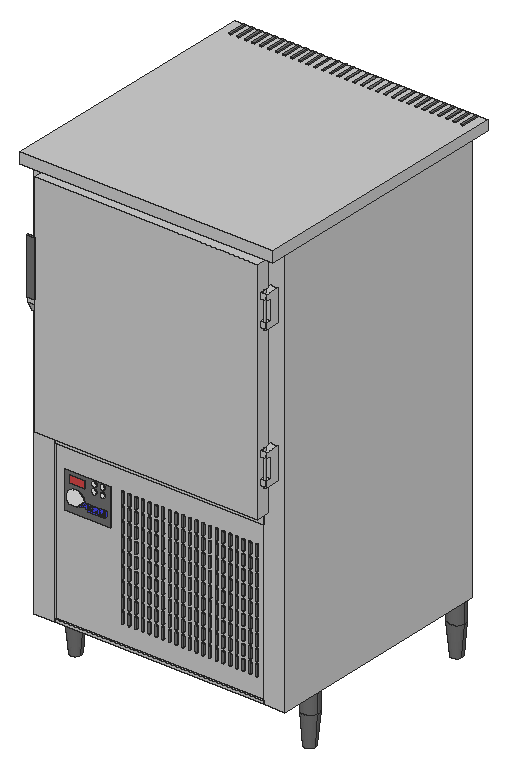
Revit family "QF_ACFRI_RS40-RL.190709092932", category Specialty Equipment, Revit 2016
Family settings
  Part Type = Normal
  Round Connector Dimension = Use Diameter
  OmniClass Number = 23.40.40.14
  OmniClass Title = Food Service Equipment
  Work Plane-Based = No
  Always vertical = Yes
  Cut with Voids When Loaded = No
  Shared = No
  Room Calculation Point = No
Parameters (values of type "RS40-RL_230V/1Ph/50Hz")
  URL catalogue = ""
  URL = "www.acfri.com"
  Type de Raccord Electrique [instance] = ""
  Type article [instance] = ""
  Tension = 230 V
  Status [instance] = ""
  Spécification technique = ""
  Spécification du Fabricant [instance] = ""
  Spécification de l'Utilisateur [instance] = ""
  SMACNA No spécifique pour les matériaux  Etats Unis = ""
  Quantité par lot [instance] = no
  Puissance électrique  = 1767 W
  Puissance en CV = ""
  Puissance Apparente = 1767 VA
  Protection de l'Appareil = 0 A
  Profondeur hors tout = 800 mm
  Poids net à vide = 140.00 kg
  Phase = 1
  Numéro de Série = ""
  Nombres de Pôles = 2
  Nombre d'identification NAFEM = ""
  Model = "RS40-RL"
  Manufacturer = "ACFRI"
  Longueur hors tout = 755 mm
  Intensité nominale courant electrique = 10 A
  Installé Par [instance] = ""
  Identifiant Equipement [instance] = no
  Hauteur hors tout = 1405 mm
  Hauteur de Raccordement du Sol Finis [instance] = 50 mm
  Hauteur de Raccordement du Sol Brut [instance] = 0 mm
  Fréquence = 50 Hz
  Fournis Par [instance] = ""
  Description = "CELLULE SÉRIE SMALL À GRILLE REFROIDISSEMENT/ SURGÉLATION RAPIDE"
  Câble de connexion à l'appareil inclus = no
  Cost = 0
  Consommation d'énergie minimale = 0 A
  Connexion prise électrique  = ""
  Code de Révision [instance] = ""
  Classification dans le projet = ""
  Classement sismique = ""
  Accessoires = no
Reference planes
  plane 1 "Centre (avant/arrière)": y = 0
  plane 2: z = 0
  plane 3 "Centre (gauche/droite)": x = 0
Forms (mm)
  Extrusion 1, solid, not visible
    sketch origin (49, -2, 199) x (1, 0, 0) y (0, 1, 0)
      loop
        line (0, 0) -> (2, 0) -> (2, 2) -> (0, 2) -> (0, 0)
    from 0 to 2
Dimensions and locks
  aligned and locked: level to plane 2
Nested families
  nested 1: "QF_ACFRI_RS40-RL_230V_1Ph_50Hz" at (0, 0, 150), type "RS40-RL_230V/1Ph/50Hz"
    with Show Logo yes, Show Clearance yes
  nested 2: "QF_ACFRI_RS25_30_40_DOOR_RX" at (0, 0, 150), type "RS25_30_40_DOOR_RX"
    with Show Logo yes, Show Clearance yes
  nested 3: "QF_ACFRI_RS12_15_20_LEGS" at (0, 0, 0), type "RS12_15_20_LEGS"
    with Show Logo yes, Show Clearance yes
  nested 4: "QF_ACFRI_RS25_30_40-CP" at (0, 0, 150), type "RS25_30_40-CP"
    with Show Logo yes, Show Clearance yes
Connectors
  electrical at (50, 0, 200), driven by "Puissance Apparente", driven by "Nombres de Pôles", driven by "Tension"
    settings: on Extrusion 1, index 1, voltage 230 V, apparent load 0 VA, apparent load phase1 1767 VA, apparent load phase2 0 VA, apparent load phase3 0 VA, power factor 1, load classification "Other", number of poles 2, system type 31, power factor state 1, is connector primary yes, connector utility no, sub classification motor no, connector description "Electric connection for 'RS40-RL'"
Definition of nested family "QF_ACFRI_RS40-RL_230V_1Ph_50Hz"
  Parameters (values of type "RS40-RL_230V/1Ph/50Hz")
    URL = "www.acfri.com"
    Show Logo [instance] = yes
    Show Clearance [instance] = yes
    Model = "RS40-RL"
    Manufacturer = "ACFRI"
    Description = "8 TO 15 LEVELS - REACH SPECIFICATION BLAST CHILLING, DEEP FREEZING CELLS"
    Assembly Code = "E1090320"
  Types (3, lengths in mm): name | Model | Description
    RS25-RL | "RS25-RL" | "6 TO 11 LEVELS - REACH SPECIFICATION BLAST CHILLING, DEEP FREEZING CELLS"
    RS30-RL | "RS30-RL" | "6 TO 11 LEVELS - REACH SPECIFICATION BLAST CHILLING, DEEP FREEZING CELLS"
    RS40-RL_230V/1Ph/50Hz | "RS40-RL" | "8 TO 15 LEVELS - REACH SPECIFICATION BLAST CHILLING, DEEP FREEZING CELLS"
  Reference planes
    plane 1 "Back": y = 0
    plane 2: z = 0
    plane 3 "Left": x = 0
    plane 4 "Right": x = 755
    plane 5 "Front": y = -800
    plane 6 "Top": z = 1254.917
  Forms (mm)
    Extrusion 1, solid
      sketch origin (0, 0, -150) x (0, 1, 0) y (0, 0, 1)
        loop
          line (-56.57, 1373.957) -> (-752.05, 1373.957) -> (-752.05, 150) -> (-56.57, 150) -> (-56.57, 1373.957)
      from 3.267 to 65.187
    Extrusion 2, solid
      sketch origin (0, 0, 289.917) x (0, 1, 0) y (0, 0, 1)
        loop
          line (0, 965) -> (-800, 965) -> (-800, 934.04) -> (0, 934.04) -> (0, 965)
      from 0 to 755
    Extrusion 3, solid
      sketch origin (0, 0, 1253.917) x (1, 0, 0) y (0, 1, 0)
        loop
          line (28.646, -1.681) -> (28.646, -56.57) -> (35.372, -56.57) -> (35.372, -1.681) -> (28.646, -1.681)
        loop
          line (51.706, -1.681) -> (51.706, -56.57) -> (58.431, -56.57) -> (58.431, -1.681) -> (51.706, -1.681)
        loop
          line (74.765, -1.681) -> (74.765, -56.57) -> (81.491, -56.57) -> (81.491, -1.681) -> (74.765, -1.681)
        loop
          line (97.825, -1.681) -> (97.825, -56.57) -> (104.551, -56.57) -> (104.551, -1.681) -> (97.825, -1.681)
        loop
          line (120.885, -1.681) -> (120.885, -56.57) -> (127.611, -56.57) -> (127.611, -1.681) -> (120.885, -1.681)
        loop
          line (143.945, -1.681) -> (143.945, -56.57) -> (150.671, -56.57) -> (150.671, -1.681) -> (143.945, -1.681)
        loop
          line (167.005, -1.681) -> (167.005, -56.57) -> (173.731, -56.57) -> (173.731, -1.681) -> (167.005, -1.681)
        loop
          line (190.065, -1.681) -> (190.065, -56.57) -> (196.79, -56.57) -> (196.79, -1.681) -> (190.065, -1.681)
        loop
          line (213.124, -1.681) -> (213.124, -56.57) -> (219.85, -56.57) -> (219.85, -1.681) -> (213.124, -1.681)
        loop
          line (236.184, -1.681) -> (236.184, -56.57) -> (242.91, -56.57) -> (242.91, -1.681) -> (236.184, -1.681)
        loop
          line (259.244, -1.681) -> (259.244, -56.57) -> (265.97, -56.57) -> (265.97, -1.681) -> (259.244, -1.681)
        loop
          line (282.304, -1.681) -> (282.304, -56.57) -> (289.03, -56.57) -> (289.03, -1.681) -> (282.304, -1.681)
        loop
          line (305.364, -1.681) -> (305.364, -56.57) -> (312.09, -56.57) -> (312.09, -1.681) -> (305.364, -1.681)
        loop
          line (328.424, -1.681) -> (328.424, -56.57) -> (335.149, -56.57) -> (335.149, -1.681) -> (328.424, -1.681)
        loop
          line (351.483, -1.681) -> (351.483, -56.57) -> (358.209, -56.57) -> (358.209, -1.681) -> (351.483, -1.681)
        loop
          line (374.543, -1.681) -> (374.543, -56.57) -> (381.269, -56.57) -> (381.269, -1.681) -> (374.543, -1.681)
        loop
          line (397.603, -1.681) -> (397.603, -56.57) -> (404.329, -56.57) -> (404.329, -1.681) -> (397.603, -1.681)
        loop
          line (420.663, -1.681) -> (420.663, -56.57) -> (427.389, -56.57) -> (427.389, -1.681) -> (420.663, -1.681)
        loop
          line (443.723, -1.681) -> (443.723, -56.57) -> (450.448, -56.57) -> (450.448, -1.681) -> (443.723, -1.681)
        loop
          line (466.783, -1.681) -> (466.783, -56.57) -> (473.508, -56.57) -> (473.508, -1.681) -> (466.783, -1.681)
        loop
          line (489.842, -1.681) -> (489.842, -56.57) -> (496.568, -56.57) -> (496.568, -1.681) -> (489.842, -1.681)
        loop
          line (512.902, -1.681) -> (512.902, -56.57) -> (519.628, -56.57) -> (519.628, -1.681) -> (512.902, -1.681)
        loop
          line (535.962, -1.681) -> (535.962, -56.57) -> (542.688, -56.57) -> (542.688, -1.681) -> (535.962, -1.681)
        loop
          line (559.022, -1.681) -> (559.022, -56.57) -> (565.748, -56.57) -> (565.748, -1.681) -> (559.022, -1.681)
        loop
          line (582.082, -1.681) -> (582.082, -56.57) -> (588.807, -56.57) -> (588.807, -1.681) -> (582.082, -1.681)
        loop
          line (605.141, -1.681) -> (605.141, -56.57) -> (611.867, -56.57) -> (611.867, -1.681) -> (605.141, -1.681)
        loop
          line (628.201, -1.681) -> (628.201, -56.57) -> (634.927, -56.57) -> (634.927, -1.681) -> (628.201, -1.681)
        loop
          line (651.261, -1.681) -> (651.261, -56.57) -> (657.987, -56.57) -> (657.987, -1.681) -> (651.261, -1.681)
        loop
          line (674.321, -1.681) -> (674.321, -56.57) -> (681.047, -56.57) -> (681.047, -1.681) -> (674.321, -1.681)
        loop
          line (697.381, -1.681) -> (697.381, -56.57) -> (704.107, -56.57) -> (704.107, -1.681) -> (697.381, -1.681)
        loop
          line (720.441, -1.681) -> (720.441, -56.57) -> (727.166, -56.57) -> (727.166, -1.681) -> (720.441, -1.681)
      from 0 to 2
    Extrusion 4, solid
      sketch origin (0, -100.05, -150) x (1, 0, 0) y (0, 0, 1)
        loop
          line (44.706, 1347.823) -> (44.706, 672.113) -> (701.163, 672.113) -> (701.163, 1347.823) -> (44.706, 1347.823)
        loop
          line (65.187, 1327.517) -> (65.187, 692.419) -> (680.711, 692.419) -> (680.711, 1327.517) -> (65.187, 1327.517)
      from 652 to 662.15
    Extrusion 5, solid
      sketch origin (0, -746.05, -119.991) x (1, 0, 0) y (0, 0, 1)
        loop
          line (261.229, 454.546) -> (261.229, 427.546)
          arc (261.229, 427.546) -> (264.729, 424.046) -> (268.229, 427.546) r 3.5
          line (268.229, 427.546) -> (268.229, 454.546)
          arc (268.229, 454.546) -> (264.729, 458.046) -> (261.229, 454.546) r 3.5
        loop
          line (281.229, 454.546) -> (281.229, 427.546)
          arc (281.229, 427.546) -> (284.729, 424.046) -> (288.229, 427.546) r 3.5
          line (288.229, 427.546) -> (288.229, 454.546)
          arc (288.229, 454.546) -> (284.729, 458.046) -> (281.229, 454.546) r 3.5
        loop
          line (301.229, 454.546) -> (301.229, 427.546)
          arc (301.229, 427.546) -> (304.729, 424.046) -> (308.229, 427.546) r 3.5
          line (308.229, 427.546) -> (308.229, 454.546)
          arc (308.229, 454.546) -> (304.729, 458.046) -> (301.229, 454.546) r 3.5
        loop
          line (321.229, 454.546) -> (321.229, 427.546)
          arc (321.229, 427.546) -> (324.729, 424.046) -> (328.229, 427.546) r 3.5
          line (328.229, 427.546) -> (328.229, 454.546)
          arc (328.229, 454.546) -> (324.729, 458.046) -> (321.229, 454.546) r 3.5
        loop
          line (341.229, 454.546) -> (341.229, 427.546)
          arc (341.229, 427.546) -> (344.729, 424.046) -> (348.229, 427.546) r 3.5
          line (348.229, 427.546) -> (348.229, 454.546)
          arc (348.229, 454.546) -> (344.729, 458.046) -> (341.229, 454.546) r 3.5
        loop
          line (361.229, 454.546) -> (361.229, 427.546)
          arc (361.229, 427.546) -> (364.729, 424.046) -> (368.229, 427.546) r 3.5
          line (368.229, 427.546) -> (368.229, 454.546)
          arc (368.229, 454.546) -> (364.729, 458.046) -> (361.229, 454.546) r 3.5
        loop
          line (381.229, 454.546) -> (381.229, 427.546)
          arc (381.229, 427.546) -> (384.729, 424.046) -> (388.229, 427.546) r 3.5
          line (388.229, 427.546) -> (388.229, 454.546)
          arc (388.229, 454.546) -> (384.729, 458.046) -> (381.229, 454.546) r 3.5
        loop
          line (401.229, 454.546) -> (401.229, 427.546)
          arc (401.229, 427.546) -> (404.729, 424.046) -> (408.229, 427.546) r 3.5
          line (408.229, 427.546) -> (408.229, 454.546)
          arc (408.229, 454.546) -> (404.729, 458.046) -> (401.229, 454.546) r 3.5
        loop
          line (421.229, 454.546) -> (421.229, 427.546)
          arc (421.229, 427.546) -> (424.729, 424.046) -> (428.229, 427.546) r 3.5
          line (428.229, 427.546) -> (428.229, 454.546)
          arc (428.229, 454.546) -> (424.729, 458.046) -> (421.229, 454.546) r 3.5
        loop
          line (441.229, 454.546) -> (441.229, 427.546)
          arc (441.229, 427.546) -> (444.729, 424.046) -> (448.229, 427.546) r 3.5
          line (448.229, 427.546) -> (448.229, 454.546)
          arc (448.229, 454.546) -> (444.729, 458.046) -> (441.229, 454.546) r 3.5
        loop
          line (461.229, 454.546) -> (461.229, 427.546)
          arc (461.229, 427.546) -> (464.729, 424.046) -> (468.229, 427.546) r 3.5
          line (468.229, 427.546) -> (468.229, 454.546)
          arc (468.229, 454.546) -> (464.729, 458.046) -> (461.229, 454.546) r 3.5
        loop
          line (481.229, 454.546) -> (481.229, 427.546)
          arc (481.229, 427.546) -> (484.729, 424.046) -> (488.229, 427.546) r 3.5
          line (488.229, 427.546) -> (488.229, 454.546)
          arc (488.229, 454.546) -> (484.729, 458.046) -> (481.229, 454.546) r 3.5
        loop
          line (501.229, 454.546) -> (501.229, 427.546)
          arc (501.229, 427.546) -> (504.729, 424.046) -> (508.229, 427.546) r 3.5
          line (508.229, 427.546) -> (508.229, 454.546)
          arc (508.229, 454.546) -> (504.729, 458.046) -> (501.229, 454.546) r 3.5
        loop
          line (521.229, 454.546) -> (521.229, 427.546)
          arc (521.229, 427.546) -> (524.729, 424.046) -> (528.229, 427.546) r 3.5
          line (528.229, 427.546) -> (528.229, 454.546)
          arc (528.229, 454.546) -> (524.729, 458.046) -> (521.229, 454.546) r 3.5
        loop
          line (541.229, 454.546) -> (541.229, 427.546)
          arc (541.229, 427.546) -> (544.729, 424.046) -> (548.229, 427.546) r 3.5
          line (548.229, 427.546) -> (548.229, 454.546)
          arc (548.229, 454.546) -> (544.729, 458.046) -> (541.229, 454.546) r 3.5
        loop
          line (561.229, 454.546) -> (561.229, 427.546)
          arc (561.229, 427.546) -> (564.729, 424.046) -> (568.229, 427.546) r 3.5
          line (568.229, 427.546) -> (568.229, 454.546)
          arc (568.229, 454.546) -> (564.729, 458.046) -> (561.229, 454.546) r 3.5
        loop
          line (581.229, 454.546) -> (581.229, 427.546)
          arc (581.229, 427.546) -> (584.729, 424.046) -> (588.229, 427.546) r 3.5
          line (588.229, 427.546) -> (588.229, 454.546)
          arc (588.229, 454.546) -> (584.729, 458.046) -> (581.229, 454.546) r 3.5
        loop
          line (601.229, 454.546) -> (601.229, 427.546)
          arc (601.229, 427.546) -> (604.729, 424.046) -> (608.229, 427.546) r 3.5
          line (608.229, 427.546) -> (608.229, 454.546)
          arc (608.229, 454.546) -> (604.729, 458.046) -> (601.229, 454.546) r 3.5
        loop
          line (621.229, 454.546) -> (621.229, 427.546)
          arc (621.229, 427.546) -> (624.729, 424.046) -> (628.229, 427.546) r 3.5
          line (628.229, 427.546) -> (628.229, 454.546)
          arc (628.229, 454.546) -> (624.729, 458.046) -> (621.229, 454.546) r 3.5
        loop
          line (641.229, 454.546) -> (641.229, 427.546)
          arc (641.229, 427.546) -> (644.729, 424.046) -> (648.229, 427.546) r 3.5
          line (648.229, 427.546) -> (648.229, 454.546)
          arc (648.229, 454.546) -> (644.729, 458.046) -> (641.229, 454.546) r 3.5
        loop
          line (661.229, 454.546) -> (661.229, 427.546)
          arc (661.229, 427.546) -> (664.729, 424.046) -> (668.229, 427.546) r 3.5
          line (668.229, 427.546) -> (668.229, 454.546)
          arc (668.229, 454.546) -> (664.729, 458.046) -> (661.229, 454.546) r 3.5
        loop
          line (261.229, 414.546) -> (261.229, 387.546)
          arc (261.229, 387.546) -> (264.729, 384.046) -> (268.229, 387.546) r 3.5
          line (268.229, 387.546) -> (268.229, 414.546)
          arc (268.229, 414.546) -> (264.729, 418.046) -> (261.229, 414.546) r 3.5
        loop
          line (281.229, 414.546) -> (281.229, 387.546)
          arc (281.229, 387.546) -> (284.729, 384.046) -> (288.229, 387.546) r 3.5
          line (288.229, 387.546) -> (288.229, 414.546)
          arc (288.229, 414.546) -> (284.729, 418.046) -> (281.229, 414.546) r 3.5
        loop
          line (301.229, 414.546) -> (301.229, 387.546)
          arc (301.229, 387.546) -> (304.729, 384.046) -> (308.229, 387.546) r 3.5
          line (308.229, 387.546) -> (308.229, 414.546)
          arc (308.229, 414.546) -> (304.729, 418.046) -> (301.229, 414.546) r 3.5
        loop
          line (321.229, 414.546) -> (321.229, 387.546)
          arc (321.229, 387.546) -> (324.729, 384.046) -> (328.229, 387.546) r 3.5
          line (328.229, 387.546) -> (328.229, 414.546)
          arc (328.229, 414.546) -> (324.729, 418.046) -> (321.229, 414.546) r 3.5
        loop
          line (341.229, 414.546) -> (341.229, 387.546)
          arc (341.229, 387.546) -> (344.729, 384.046) -> (348.229, 387.546) r 3.5
          line (348.229, 387.546) -> (348.229, 414.546)
          arc (348.229, 414.546) -> (344.729, 418.046) -> (341.229, 414.546) r 3.5
        loop
          line (361.229, 414.546) -> (361.229, 387.546)
          arc (361.229, 387.546) -> (364.729, 384.046) -> (368.229, 387.546) r 3.5
          line (368.229, 387.546) -> (368.229, 414.546)
          arc (368.229, 414.546) -> (364.729, 418.046) -> (361.229, 414.546) r 3.5
        loop
          line (381.229, 414.546) -> (381.229, 387.546)
          arc (381.229, 387.546) -> (384.729, 384.046) -> (388.229, 387.546) r 3.5
          line (388.229, 387.546) -> (388.229, 414.546)
          arc (388.229, 414.546) -> (384.729, 418.046) -> (381.229, 414.546) r 3.5
        loop
          line (401.229, 414.546) -> (401.229, 387.546)
          arc (401.229, 387.546) -> (404.729, 384.046) -> (408.229, 387.546) r 3.5
          line (408.229, 387.546) -> (408.229, 414.546)
          arc (408.229, 414.546) -> (404.729, 418.046) -> (401.229, 414.546) r 3.5
        loop
          line (421.229, 414.546) -> (421.229, 387.546)
          arc (421.229, 387.546) -> (424.729, 384.046) -> (428.229, 387.546) r 3.5
          line (428.229, 387.546) -> (428.229, 414.546)
          arc (428.229, 414.546) -> (424.729, 418.046) -> (421.229, 414.546) r 3.5
        loop
          line (441.229, 414.546) -> (441.229, 387.546)
          arc (441.229, 387.546) -> (444.729, 384.046) -> (448.229, 387.546) r 3.5
          line (448.229, 387.546) -> (448.229, 414.546)
          arc (448.229, 414.546) -> (444.729, 418.046) -> (441.229, 414.546) r 3.5
        loop
          line (461.229, 414.546) -> (461.229, 387.546)
          arc (461.229, 387.546) -> (464.729, 384.046) -> (468.229, 387.546) r 3.5
          line (468.229, 387.546) -> (468.229, 414.546)
          arc (468.229, 414.546) -> (464.729, 418.046) -> (461.229, 414.546) r 3.5
        loop
          line (481.229, 414.546) -> (481.229, 387.546)
          arc (481.229, 387.546) -> (484.729, 384.046) -> (488.229, 387.546) r 3.5
          line (488.229, 387.546) -> (488.229, 414.546)
          arc (488.229, 414.546) -> (484.729, 418.046) -> (481.229, 414.546) r 3.5
        loop
          line (501.229, 414.546) -> (501.229, 387.546)
          arc (501.229, 387.546) -> (504.729, 384.046) -> (508.229, 387.546) r 3.5
          line (508.229, 387.546) -> (508.229, 414.546)
          arc (508.229, 414.546) -> (504.729, 418.046) -> (501.229, 414.546) r 3.5
        loop
          line (521.229, 414.546) -> (521.229, 387.546)
          arc (521.229, 387.546) -> (524.729, 384.046) -> (528.229, 387.546) r 3.5
          line (528.229, 387.546) -> (528.229, 414.546)
          arc (528.229, 414.546) -> (524.729, 418.046) -> (521.229, 414.546) r 3.5
        loop
          line (541.229, 414.546) -> (541.229, 387.546)
          arc (541.229, 387.546) -> (544.729, 384.046) -> (548.229, 387.546) r 3.5
          line (548.229, 387.546) -> (548.229, 414.546)
          arc (548.229, 414.546) -> (544.729, 418.046) -> (541.229, 414.546) r 3.5
        loop
          line (561.229, 414.546) -> (561.229, 387.546)
          arc (561.229, 387.546) -> (564.729, 384.046) -> (568.229, 387.546) r 3.5
          line (568.229, 387.546) -> (568.229, 414.546)
          arc (568.229, 414.546) -> (564.729, 418.046) -> (561.229, 414.546) r 3.5
        loop
          line (581.229, 414.546) -> (581.229, 387.546)
          arc (581.229, 387.546) -> (584.729, 384.046) -> (588.229, 387.546) r 3.5
          line (588.229, 387.546) -> (588.229, 414.546)
          arc (588.229, 414.546) -> (584.729, 418.046) -> (581.229, 414.546) r 3.5
        loop
          line (601.229, 414.546) -> (601.229, 387.546)
          arc (601.229, 387.546) -> (604.729, 384.046) -> (608.229, 387.546) r 3.5
          line (608.229, 387.546) -> (608.229, 414.546)
          arc (608.229, 414.546) -> (604.729, 418.046) -> (601.229, 414.546) r 3.5
        loop
          line (621.229, 414.546) -> (621.229, 387.546)
          arc (621.229, 387.546) -> (624.729, 384.046) -> (628.229, 387.546) r 3.5
          line (628.229, 387.546) -> (628.229, 414.546)
          arc (628.229, 414.546) -> (624.729, 418.046) -> (621.229, 414.546) r 3.5
        loop
          line (641.229, 414.546) -> (641.229, 387.546)
          arc (641.229, 387.546) -> (644.729, 384.046) -> (648.229, 387.546) r 3.5
          line (648.229, 387.546) -> (648.229, 414.546)
          arc (648.229, 414.546) -> (644.729, 418.046) -> (641.229, 414.546) r 3.5
        loop
          line (661.229, 414.546) -> (661.229, 387.546)
          arc (661.229, 387.546) -> (664.729, 384.046) -> (668.229, 387.546) r 3.5
          line (668.229, 387.546) -> (668.229, 414.546)
          arc (668.229, 414.546) -> (664.729, 418.046) -> (661.229, 414.546) r 3.5
        loop
          line (261.229, 374.546) -> (261.229, 347.546)
          arc (261.229, 347.546) -> (264.729, 344.046) -> (268.229, 347.546) r 3.5
          line (268.229, 347.546) -> (268.229, 374.546)
          arc (268.229, 374.546) -> (264.729, 378.046) -> (261.229, 374.546) r 3.5
        loop
          line (281.229, 374.546) -> (281.229, 347.546)
          arc (281.229, 347.546) -> (284.729, 344.046) -> (288.229, 347.546) r 3.5
          line (288.229, 347.546) -> (288.229, 374.546)
          arc (288.229, 374.546) -> (284.729, 378.046) -> (281.229, 374.546) r 3.5
        loop
          line (301.229, 374.546) -> (301.229, 347.546)
          arc (301.229, 347.546) -> (304.729, 344.046) -> (308.229, 347.546) r 3.5
          line (308.229, 347.546) -> (308.229, 374.546)
          arc (308.229, 374.546) -> (304.729, 378.046) -> (301.229, 374.546) r 3.5
        loop
          line (321.229, 374.546) -> (321.229, 347.546)
          arc (321.229, 347.546) -> (324.729, 344.046) -> (328.229, 347.546) r 3.5
          line (328.229, 347.546) -> (328.229, 374.546)
          arc (328.229, 374.546) -> (324.729, 378.046) -> (321.229, 374.546) r 3.5
        loop
          line (341.229, 374.546) -> (341.229, 347.546)
          arc (341.229, 347.546) -> (344.729, 344.046) -> (348.229, 347.546) r 3.5
          line (348.229, 347.546) -> (348.229, 374.546)
          arc (348.229, 374.546) -> (344.729, 378.046) -> (341.229, 374.546) r 3.5
        loop
          line (361.229, 374.546) -> (361.229, 347.546)
          arc (361.229, 347.546) -> (364.729, 344.046) -> (368.229, 347.546) r 3.5
          line (368.229, 347.546) -> (368.229, 374.546)
          arc (368.229, 374.546) -> (364.729, 378.046) -> (361.229, 374.546) r 3.5
        loop
          line (381.229, 374.546) -> (381.229, 347.546)
          arc (381.229, 347.546) -> (384.729, 344.046) -> (388.229, 347.546) r 3.5
          line (388.229, 347.546) -> (388.229, 374.546)
          arc (388.229, 374.546) -> (384.729, 378.046) -> (381.229, 374.546) r 3.5
        loop
          line (401.229, 374.546) -> (401.229, 347.546)
          arc (401.229, 347.546) -> (404.729, 344.046) -> (408.229, 347.546) r 3.5
          line (408.229, 347.546) -> (408.229, 374.546)
          arc (408.229, 374.546) -> (404.729, 378.046) -> (401.229, 374.546) r 3.5
        loop
          line (421.229, 374.546) -> (421.229, 347.546)
          arc (421.229, 347.546) -> (424.729, 344.046) -> (428.229, 347.546) r 3.5
          line (428.229, 347.546) -> (428.229, 374.546)
          arc (428.229, 374.546) -> (424.729, 378.046) -> (421.229, 374.546) r 3.5
        loop
          line (441.229, 374.546) -> (441.229, 347.546)
          arc (441.229, 347.546) -> (444.729, 344.046) -> (448.229, 347.546) r 3.5
          line (448.229, 347.546) -> (448.229, 374.546)
          arc (448.229, 374.546) -> (444.729, 378.046) -> (441.229, 374.546) r 3.5
        loop
          line (461.229, 374.546) -> (461.229, 347.546)
          arc (461.229, 347.546) -> (464.729, 344.046) -> (468.229, 347.546) r 3.5
          line (468.229, 347.546) -> (468.229, 374.546)
          arc (468.229, 374.546) -> (464.729, 378.046) -> (461.229, 374.546) r 3.5
        loop
          line (481.229, 374.546) -> (481.229, 347.546)
          arc (481.229, 347.546) -> (484.729, 344.046) -> (488.229, 347.546) r 3.5
          line (488.229, 347.546) -> (488.229, 374.546)
          arc (488.229, 374.546) -> (484.729, 378.046) -> (481.229, 374.546) r 3.5
        loop
          line (501.229, 374.546) -> (501.229, 347.546)
          arc (501.229, 347.546) -> (504.729, 344.046) -> (508.229, 347.546) r 3.5
          line (508.229, 347.546) -> (508.229, 374.546)
          arc (508.229, 374.546) -> (504.729, 378.046) -> (501.229, 374.546) r 3.5
        loop
          line (521.229, 374.546) -> (521.229, 347.546)
          arc (521.229, 347.546) -> (524.729, 344.046) -> (528.229, 347.546) r 3.5
          line (528.229, 347.546) -> (528.229, 374.546)
          arc (528.229, 374.546) -> (524.729, 378.046) -> (521.229, 374.546) r 3.5
        loop
          line (541.229, 374.546) -> (541.229, 347.546)
          arc (541.229, 347.546) -> (544.729, 344.046) -> (548.229, 347.546) r 3.5
          line (548.229, 347.546) -> (548.229, 374.546)
          arc (548.229, 374.546) -> (544.729, 378.046) -> (541.229, 374.546) r 3.5
        loop
          line (561.229, 374.546) -> (561.229, 347.546)
          arc (561.229, 347.546) -> (564.729, 344.046) -> (568.229, 347.546) r 3.5
          line (568.229, 347.546) -> (568.229, 374.546)
          arc (568.229, 374.546) -> (564.729, 378.046) -> (561.229, 374.546) r 3.5
        loop
          line (581.229, 374.546) -> (581.229, 347.546)
          arc (581.229, 347.546) -> (584.729, 344.046) -> (588.229, 347.546) r 3.5
          line (588.229, 347.546) -> (588.229, 374.546)
          arc (588.229, 374.546) -> (584.729, 378.046) -> (581.229, 374.546) r 3.5
        loop
          line (601.229, 374.546) -> (601.229, 347.546)
          arc (601.229, 347.546) -> (604.729, 344.046) -> (608.229, 347.546) r 3.5
          line (608.229, 347.546) -> (608.229, 374.546)
          arc (608.229, 374.546) -> (604.729, 378.046) -> (601.229, 374.546) r 3.5
        loop
          line (621.229, 374.546) -> (621.229, 347.546)
          arc (621.229, 347.546) -> (624.729, 344.046) -> (628.229, 347.546) r 3.5
          line (628.229, 347.546) -> (628.229, 374.546)
          arc (628.229, 374.546) -> (624.729, 378.046) -> (621.229, 374.546) r 3.5
        loop
          line (641.229, 374.546) -> (641.229, 347.546)
          arc (641.229, 347.546) -> (644.729, 344.046) -> (648.229, 347.546) r 3.5
          line (648.229, 347.546) -> (648.229, 374.546)
          arc (648.229, 374.546) -> (644.729, 378.046) -> (641.229, 374.546) r 3.5
        loop
          line (661.229, 374.546) -> (661.229, 347.546)
          arc (661.229, 347.546) -> (664.729, 344.046) -> (668.229, 347.546) r 3.5
          line (668.229, 347.546) -> (668.229, 374.546)
          arc (668.229, 374.546) -> (664.729, 378.046) -> (661.229, 374.546) r 3.5
        loop
          line (261.229, 334.546) -> (261.229, 307.546)
          arc (261.229, 307.546) -> (264.729, 304.046) -> (268.229, 307.546) r 3.5
          line (268.229, 307.546) -> (268.229, 334.546)
          arc (268.229, 334.546) -> (264.729, 338.046) -> (261.229, 334.546) r 3.5
        loop
          line (281.229, 334.546) -> (281.229, 307.546)
          arc (281.229, 307.546) -> (284.729, 304.046) -> (288.229, 307.546) r 3.5
          line (288.229, 307.546) -> (288.229, 334.546)
          arc (288.229, 334.546) -> (284.729, 338.046) -> (281.229, 334.546) r 3.5
        loop
          line (301.229, 334.546) -> (301.229, 307.546)
          arc (301.229, 307.546) -> (304.729, 304.046) -> (308.229, 307.546) r 3.5
          line (308.229, 307.546) -> (308.229, 334.546)
          arc (308.229, 334.546) -> (304.729, 338.046) -> (301.229, 334.546) r 3.5
        loop
          line (321.229, 334.546) -> (321.229, 307.546)
          arc (321.229, 307.546) -> (324.729, 304.046) -> (328.229, 307.546) r 3.5
          line (328.229, 307.546) -> (328.229, 334.546)
          arc (328.229, 334.546) -> (324.729, 338.046) -> (321.229, 334.546) r 3.5
        loop
          line (341.229, 334.546) -> (341.229, 307.546)
          arc (341.229, 307.546) -> (344.729, 304.046) -> (348.229, 307.546) r 3.5
          line (348.229, 307.546) -> (348.229, 334.546)
          arc (348.229, 334.546) -> (344.729, 338.046) -> (341.229, 334.546) r 3.5
        loop
          line (361.229, 334.546) -> (361.229, 307.546)
          arc (361.229, 307.546) -> (364.729, 304.046) -> (368.229, 307.546) r 3.5
          line (368.229, 307.546) -> (368.229, 334.546)
          arc (368.229, 334.546) -> (364.729, 338.046) -> (361.229, 334.546) r 3.5
        loop
          line (381.229, 334.546) -> (381.229, 307.546)
          arc (381.229, 307.546) -> (384.729, 304.046) -> (388.229, 307.546) r 3.5
          line (388.229, 307.546) -> (388.229, 334.546)
          arc (388.229, 334.546) -> (384.729, 338.046) -> (381.229, 334.546) r 3.5
        loop
          line (401.229, 334.546) -> (401.229, 307.546)
          arc (401.229, 307.546) -> (404.729, 304.046) -> (408.229, 307.546) r 3.5
          line (408.229, 307.546) -> (408.229, 334.546)
          arc (408.229, 334.546) -> (404.729, 338.046) -> (401.229, 334.546) r 3.5
        loop
          line (421.229, 334.546) -> (421.229, 307.546)
          arc (421.229, 307.546) -> (424.729, 304.046) -> (428.229, 307.546) r 3.5
          line (428.229, 307.546) -> (428.229, 334.546)
          arc (428.229, 334.546) -> (424.729, 338.046) -> (421.229, 334.546) r 3.5
        loop
          line (441.229, 334.546) -> (441.229, 307.546)
          arc (441.229, 307.546) -> (444.729, 304.046) -> (448.229, 307.546) r 3.5
          line (448.229, 307.546) -> (448.229, 334.546)
          arc (448.229, 334.546) -> (444.729, 338.046) -> (441.229, 334.546) r 3.5
        loop
          line (461.229, 334.546) -> (461.229, 307.546)
          arc (461.229, 307.546) -> (464.729, 304.046) -> (468.229, 307.546) r 3.5
          line (468.229, 307.546) -> (468.229, 334.546)
          arc (468.229, 334.546) -> (464.729, 338.046) -> (461.229, 334.546) r 3.5
        loop
          line (481.229, 334.546) -> (481.229, 307.546)
          arc (481.229, 307.546) -> (484.729, 304.046) -> (488.229, 307.546) r 3.5
          line (488.229, 307.546) -> (488.229, 334.546)
          arc (488.229, 334.546) -> (484.729, 338.046) -> (481.229, 334.546) r 3.5
        loop
          line (501.229, 334.546) -> (501.229, 307.546)
          arc (501.229, 307.546) -> (504.729, 304.046) -> (508.229, 307.546) r 3.5
          line (508.229, 307.546) -> (508.229, 334.546)
          arc (508.229, 334.546) -> (504.729, 338.046) -> (501.229, 334.546) r 3.5
        loop
          line (521.229, 334.546) -> (521.229, 307.546)
          arc (521.229, 307.546) -> (524.729, 304.046) -> (528.229, 307.546) r 3.5
          line (528.229, 307.546) -> (528.229, 334.546)
          arc (528.229, 334.546) -> (524.729, 338.046) -> (521.229, 334.546) r 3.5
        loop
          line (541.229, 334.546) -> (541.229, 307.546)
          arc (541.229, 307.546) -> (544.729, 304.046) -> (548.229, 307.546) r 3.5
          line (548.229, 307.546) -> (548.229, 334.546)
          arc (548.229, 334.546) -> (544.729, 338.046) -> (541.229, 334.546) r 3.5
        loop
          line (561.229, 334.546) -> (561.229, 307.546)
          arc (561.229, 307.546) -> (564.729, 304.046) -> (568.229, 307.546) r 3.5
          line (568.229, 307.546) -> (568.229, 334.546)
          arc (568.229, 334.546) -> (564.729, 338.046) -> (561.229, 334.546) r 3.5
        loop
          line (581.229, 334.546) -> (581.229, 307.546)
          arc (581.229, 307.546) -> (584.729, 304.046) -> (588.229, 307.546) r 3.5
          line (588.229, 307.546) -> (588.229, 334.546)
          arc (588.229, 334.546) -> (584.729, 338.046) -> (581.229, 334.546) r 3.5
        loop
          line (601.229, 334.546) -> (601.229, 307.546)
          arc (601.229, 307.546) -> (604.729, 304.046) -> (608.229, 307.546) r 3.5
          line (608.229, 307.546) -> (608.229, 334.546)
          arc (608.229, 334.546) -> (604.729, 338.046) -> (601.229, 334.546) r 3.5
        loop
          line (621.229, 334.546) -> (621.229, 307.546)
          arc (621.229, 307.546) -> (624.729, 304.046) -> (628.229, 307.546) r 3.5
          line (628.229, 307.546) -> (628.229, 334.546)
          arc (628.229, 334.546) -> (624.729, 338.046) -> (621.229, 334.546) r 3.5
        loop
          line (641.229, 334.546) -> (641.229, 307.546)
          arc (641.229, 307.546) -> (644.729, 304.046) -> (648.229, 307.546) r 3.5
          line (648.229, 307.546) -> (648.229, 334.546)
          arc (648.229, 334.546) -> (644.729, 338.046) -> (641.229, 334.546) r 3.5
        loop
          line (661.229, 334.546) -> (661.229, 307.546)
          arc (661.229, 307.546) -> (664.729, 304.046) -> (668.229, 307.546) r 3.5
          line (668.229, 307.546) -> (668.229, 334.546)
          arc (668.229, 334.546) -> (664.729, 338.046) -> (661.229, 334.546) r 3.5
        loop
          line (261.229, 294.546) -> (261.229, 267.546)
          arc (261.229, 267.546) -> (264.729, 264.046) -> (268.229, 267.546) r 3.5
          line (268.229, 267.546) -> (268.229, 294.546)
          arc (268.229, 294.546) -> (264.729, 298.046) -> (261.229, 294.546) r 3.5
        loop
          line (281.229, 294.546) -> (281.229, 267.546)
          arc (281.229, 267.546) -> (284.729, 264.046) -> (288.229, 267.546) r 3.5
          line (288.229, 267.546) -> (288.229, 294.546)
          arc (288.229, 294.546) -> (284.729, 298.046) -> (281.229, 294.546) r 3.5
        loop
          line (301.229, 294.546) -> (301.229, 267.546)
          arc (301.229, 267.546) -> (304.729, 264.046) -> (308.229, 267.546) r 3.5
          line (308.229, 267.546) -> (308.229, 294.546)
          arc (308.229, 294.546) -> (304.729, 298.046) -> (301.229, 294.546) r 3.5
        loop
          line (321.229, 294.546) -> (321.229, 267.546)
          arc (321.229, 267.546) -> (324.729, 264.046) -> (328.229, 267.546) r 3.5
          line (328.229, 267.546) -> (328.229, 294.546)
          arc (328.229, 294.546) -> (324.729, 298.046) -> (321.229, 294.546) r 3.5
        loop
          line (341.229, 294.546) -> (341.229, 267.546)
          arc (341.229, 267.546) -> (344.729, 264.046) -> (348.229, 267.546) r 3.5
          line (348.229, 267.546) -> (348.229, 294.546)
          arc (348.229, 294.546) -> (344.729, 298.046) -> (341.229, 294.546) r 3.5
        loop
          line (361.229, 294.546) -> (361.229, 267.546)
          arc (361.229, 267.546) -> (364.729, 264.046) -> (368.229, 267.546) r 3.5
          line (368.229, 267.546) -> (368.229, 294.546)
          arc (368.229, 294.546) -> (364.729, 298.046) -> (361.229, 294.546) r 3.5
        loop
          line (381.229, 294.546) -> (381.229, 267.546)
          arc (381.229, 267.546) -> (384.729, 264.046) -> (388.229, 267.546) r 3.5
          line (388.229, 267.546) -> (388.229, 294.546)
          arc (388.229, 294.546) -> (384.729, 298.046) -> (381.229, 294.546) r 3.5
        loop
          line (401.229, 294.546) -> (401.229, 267.546)
          arc (401.229, 267.546) -> (404.729, 264.046) -> (408.229, 267.546) r 3.5
          line (408.229, 267.546) -> (408.229, 294.546)
          arc (408.229, 294.546) -> (404.729, 298.046) -> (401.229, 294.546) r 3.5
        loop
          line (421.229, 294.546) -> (421.229, 267.546)
          arc (421.229, 267.546) -> (424.729, 264.046) -> (428.229, 267.546) r 3.5
          line (428.229, 267.546) -> (428.229, 294.546)
          arc (428.229, 294.546) -> (424.729, 298.046) -> (421.229, 294.546) r 3.5
        loop
          line (441.229, 294.546) -> (441.229, 267.546)
          arc (441.229, 267.546) -> (444.729, 264.046) -> (448.229, 267.546) r 3.5
          line (448.229, 267.546) -> (448.229, 294.546)
          arc (448.229, 294.546) -> (444.729, 298.046) -> (441.229, 294.546) r 3.5
        loop
          line (461.229, 294.546) -> (461.229, 267.546)
          arc (461.229, 267.546) -> (464.729, 264.046) -> (468.229, 267.546) r 3.5
          line (468.229, 267.546) -> (468.229, 294.546)
          arc (468.229, 294.546) -> (464.729, 298.046) -> (461.229, 294.546) r 3.5
        loop
          line (481.229, 294.546) -> (481.229, 267.546)
          arc (481.229, 267.546) -> (484.729, 264.046) -> (488.229, 267.546) r 3.5
          line (488.229, 267.546) -> (488.229, 294.546)
          arc (488.229, 294.546) -> (484.729, 298.046) -> (481.229, 294.546) r 3.5
        loop
          line (501.229, 294.546) -> (501.229, 267.546)
          arc (501.229, 267.546) -> (504.729, 264.046) -> (508.229, 267.546) r 3.5
          line (508.229, 267.546) -> (508.229, 294.546)
          arc (508.229, 294.546) -> (504.729, 298.046) -> (501.229, 294.546) r 3.5
        loop
          line (521.229, 294.546) -> (521.229, 267.546)
          arc (521.229, 267.546) -> (524.729, 264.046) -> (528.229, 267.546) r 3.5
          line (528.229, 267.546) -> (528.229, 294.546)
          arc (528.229, 294.546) -> (524.729, 298.046) -> (521.229, 294.546) r 3.5
        loop
          line (541.229, 294.546) -> (541.229, 267.546)
          arc (541.229, 267.546) -> (544.729, 264.046) -> (548.229, 267.546) r 3.5
          line (548.229, 267.546) -> (548.229, 294.546)
          arc (548.229, 294.546) -> (544.729, 298.046) -> (541.229, 294.546) r 3.5
        loop
          line (561.229, 294.546) -> (561.229, 267.546)
          arc (561.229, 267.546) -> (564.729, 264.046) -> (568.229, 267.546) r 3.5
          line (568.229, 267.546) -> (568.229, 294.546)
          arc (568.229, 294.546) -> (564.729, 298.046) -> (561.229, 294.546) r 3.5
        loop
          line (581.229, 294.546) -> (581.229, 267.546)
          arc (581.229, 267.546) -> (584.729, 264.046) -> (588.229, 267.546) r 3.5
          line (588.229, 267.546) -> (588.229, 294.546)
          arc (588.229, 294.546) -> (584.729, 298.046) -> (581.229, 294.546) r 3.5
        loop
          line (601.229, 294.546) -> (601.229, 267.546)
          arc (601.229, 267.546) -> (604.729, 264.046) -> (608.229, 267.546) r 3.5
          line (608.229, 267.546) -> (608.229, 294.546)
          arc (608.229, 294.546) -> (604.729, 298.046) -> (601.229, 294.546) r 3.5
        loop
          line (621.229, 294.546) -> (621.229, 267.546)
          arc (621.229, 267.546) -> (624.729, 264.046) -> (628.229, 267.546) r 3.5
          line (628.229, 267.546) -> (628.229, 294.546)
          arc (628.229, 294.546) -> (624.729, 298.046) -> (621.229, 294.546) r 3.5
        loop
          line (641.229, 294.546) -> (641.229, 267.546)
          arc (641.229, 267.546) -> (644.729, 264.046) -> (648.229, 267.546) r 3.5
          line (648.229, 267.546) -> (648.229, 294.546)
          arc (648.229, 294.546) -> (644.729, 298.046) -> (641.229, 294.546) r 3.5
        loop
          line (661.229, 294.546) -> (661.229, 267.546)
          arc (661.229, 267.546) -> (664.729, 264.046) -> (668.229, 267.546) r 3.5
          line (668.229, 267.546) -> (668.229, 294.546)
          arc (668.229, 294.546) -> (664.729, 298.046) -> (661.229, 294.546) r 3.5
        loop
          line (261.229, 254.546) -> (261.229, 227.546)
          arc (261.229, 227.546) -> (264.729, 224.046) -> (268.229, 227.546) r 3.5
          line (268.229, 227.546) -> (268.229, 254.546)
          arc (268.229, 254.546) -> (264.729, 258.046) -> (261.229, 254.546) r 3.5
        loop
          line (281.229, 254.546) -> (281.229, 227.546)
          arc (281.229, 227.546) -> (284.729, 224.046) -> (288.229, 227.546) r 3.5
          line (288.229, 227.546) -> (288.229, 254.546)
          arc (288.229, 254.546) -> (284.729, 258.046) -> (281.229, 254.546) r 3.5
        loop
          line (301.229, 254.546) -> (301.229, 227.546)
          arc (301.229, 227.546) -> (304.729, 224.046) -> (308.229, 227.546) r 3.5
          line (308.229, 227.546) -> (308.229, 254.546)
          arc (308.229, 254.546) -> (304.729, 258.046) -> (301.229, 254.546) r 3.5
        loop
          line (321.229, 254.546) -> (321.229, 227.546)
          arc (321.229, 227.546) -> (324.729, 224.046) -> (328.229, 227.546) r 3.5
          line (328.229, 227.546) -> (328.229, 254.546)
          arc (328.229, 254.546) -> (324.729, 258.046) -> (321.229, 254.546) r 3.5
        loop
          line (341.229, 254.546) -> (341.229, 227.546)
          arc (341.229, 227.546) -> (344.729, 224.046) -> (348.229, 227.546) r 3.5
          line (348.229, 227.546) -> (348.229, 254.546)
          arc (348.229, 254.546) -> (344.729, 258.046) -> (341.229, 254.546) r 3.5
        loop
          line (361.229, 254.546) -> (361.229, 227.546)
          arc (361.229, 227.546) -> (364.729, 224.046) -> (368.229, 227.546) r 3.5
          line (368.229, 227.546) -> (368.229, 254.546)
          arc (368.229, 254.546) -> (364.729, 258.046) -> (361.229, 254.546) r 3.5
        loop
          line (381.229, 254.546) -> (381.229, 227.546)
          arc (381.229, 227.546) -> (384.729, 224.046) -> (388.229, 227.546) r 3.5
          line (388.229, 227.546) -> (388.229, 254.546)
          arc (388.229, 254.546) -> (384.729, 258.046) -> (381.229, 254.546) r 3.5
        loop
          line (401.229, 254.546) -> (401.229, 227.546)
          arc (401.229, 227.546) -> (404.729, 224.046) -> (408.229, 227.546) r 3.5
          line (408.229, 227.546) -> (408.229, 254.546)
          arc (408.229, 254.546) -> (404.729, 258.046) -> (401.229, 254.546) r 3.5
        loop
          line (421.229, 254.546) -> (421.229, 227.546)
          arc (421.229, 227.546) -> (424.729, 224.046) -> (428.229, 227.546) r 3.5
          line (428.229, 227.546) -> (428.229, 254.546)
          arc (428.229, 254.546) -> (424.729, 258.046) -> (421.229, 254.546) r 3.5
        loop
          line (441.229, 254.546) -> (441.229, 227.546)
          arc (441.229, 227.546) -> (444.729, 224.046) -> (448.229, 227.546) r 3.5
          line (448.229, 227.546) -> (448.229, 254.546)
          arc (448.229, 254.546) -> (444.729, 258.046) -> (441.229, 254.546) r 3.5
        loop
          line (461.229, 254.546) -> (461.229, 227.546)
          arc (461.229, 227.546) -> (464.729, 224.046) -> (468.229, 227.546) r 3.5
          line (468.229, 227.546) -> (468.229, 254.546)
          arc (468.229, 254.546) -> (464.729, 258.046) -> (461.229, 254.546) r 3.5
        loop
          line (481.229, 254.546) -> (481.229, 227.546)
          arc (481.229, 227.546) -> (484.729, 224.046) -> (488.229, 227.546) r 3.5
          line (488.229, 227.546) -> (488.229, 254.546)
          arc (488.229, 254.546) -> (484.729, 258.046) -> (481.229, 254.546) r 3.5
        loop
          line (501.229, 254.546) -> (501.229, 227.546)
          arc (501.229, 227.546) -> (504.729, 224.046) -> (508.229, 227.546) r 3.5
          line (508.229, 227.546) -> (508.229, 254.546)
          arc (508.229, 254.546) -> (504.729, 258.046) -> (501.229, 254.546) r 3.5
        loop
          line (521.229, 254.546) -> (521.229, 227.546)
          arc (521.229, 227.546) -> (524.729, 224.046) -> (528.229, 227.546) r 3.5
          line (528.229, 227.546) -> (528.229, 254.546)
          arc (528.229, 254.546) -> (524.729, 258.046) -> (521.229, 254.546) r 3.5
        loop
          line (541.229, 254.546) -> (541.229, 227.546)
          arc (541.229, 227.546) -> (544.729, 224.046) -> (548.229, 227.546) r 3.5
          line (548.229, 227.546) -> (548.229, 254.546)
          arc (548.229, 254.546) -> (544.729, 258.046) -> (541.229, 254.546) r 3.5
        loop
          line (561.229, 254.546) -> (561.229, 227.546)
          arc (561.229, 227.546) -> (564.729, 224.046) -> (568.229, 227.546) r 3.5
          line (568.229, 227.546) -> (568.229, 254.546)
          arc (568.229, 254.546) -> (564.729, 258.046) -> (561.229, 254.546) r 3.5
        loop
          line (581.229, 254.546) -> (581.229, 227.546)
          arc (581.229, 227.546) -> (584.729, 224.046) -> (588.229, 227.546) r 3.5
          line (588.229, 227.546) -> (588.229, 254.546)
          arc (588.229, 254.546) -> (584.729, 258.046) -> (581.229, 254.546) r 3.5
        loop
          line (601.229, 254.546) -> (601.229, 227.546)
          arc (601.229, 227.546) -> (604.729, 224.046) -> (608.229, 227.546) r 3.5
          line (608.229, 227.546) -> (608.229, 254.546)
          arc (608.229, 254.546) -> (604.729, 258.046) -> (601.229, 254.546) r 3.5
        loop
          line (621.229, 254.546) -> (621.229, 227.546)
          arc (621.229, 227.546) -> (624.729, 224.046) -> (628.229, 227.546) r 3.5
          line (628.229, 227.546) -> (628.229, 254.546)
          arc (628.229, 254.546) -> (624.729, 258.046) -> (621.229, 254.546) r 3.5
        loop
          line (641.229, 254.546) -> (641.229, 227.546)
          arc (641.229, 227.546) -> (644.729, 224.046) -> (648.229, 227.546) r 3.5
          line (648.229, 227.546) -> (648.229, 254.546)
          arc (648.229, 254.546) -> (644.729, 258.046) -> (641.229, 254.546) r 3.5
        loop
          line (661.229, 254.546) -> (661.229, 227.546)
          arc (661.229, 227.546) -> (664.729, 224.046) -> (668.229, 227.546) r 3.5
          line (668.229, 227.546) -> (668.229, 254.546)
          arc (668.229, 254.546) -> (664.729, 258.046) -> (661.229, 254.546) r 3.5
        loop
          line (261.229, 214.546) -> (261.229, 187.546)
          arc (261.229, 187.546) -> (264.729, 184.046) -> (268.229, 187.546) r 3.5
          line (268.229, 187.546) -> (268.229, 214.546)
          arc (268.229, 214.546) -> (264.729, 218.046) -> (261.229, 214.546) r 3.5
        loop
          line (281.229, 214.546) -> (281.229, 187.546)
          arc (281.229, 187.546) -> (284.729, 184.046) -> (288.229, 187.546) r 3.5
          line (288.229, 187.546) -> (288.229, 214.546)
          arc (288.229, 214.546) -> (284.729, 218.046) -> (281.229, 214.546) r 3.5
        loop
          line (301.229, 214.546) -> (301.229, 187.546)
          arc (301.229, 187.546) -> (304.729, 184.046) -> (308.229, 187.546) r 3.5
          line (308.229, 187.546) -> (308.229, 214.546)
          arc (308.229, 214.546) -> (304.729, 218.046) -> (301.229, 214.546) r 3.5
        loop
          line (321.229, 214.546) -> (321.229, 187.546)
          arc (321.229, 187.546) -> (324.729, 184.046) -> (328.229, 187.546) r 3.5
          line (328.229, 187.546) -> (328.229, 214.546)
          arc (328.229, 214.546) -> (324.729, 218.046) -> (321.229, 214.546) r 3.5
        loop
          line (341.229, 214.546) -> (341.229, 187.546)
          arc (341.229, 187.546) -> (344.729, 184.046) -> (348.229, 187.546) r 3.5
          line (348.229, 187.546) -> (348.229, 214.546)
          arc (348.229, 214.546) -> (344.729, 218.046) -> (341.229, 214.546) r 3.5
        loop
          line (361.229, 214.546) -> (361.229, 187.546)
          arc (361.229, 187.546) -> (364.729, 184.046) -> (368.229, 187.546) r 3.5
          line (368.229, 187.546) -> (368.229, 214.546)
          arc (368.229, 214.546) -> (364.729, 218.046) -> (361.229, 214.546) r 3.5
        loop
          line (381.229, 214.546) -> (381.229, 187.546)
          arc (381.229, 187.546) -> (384.729, 184.046) -> (388.229, 187.546) r 3.5
          line (388.229, 187.546) -> (388.229, 214.546)
          arc (388.229, 214.546) -> (384.729, 218.046) -> (381.229, 214.546) r 3.5
        loop
          line (401.229, 214.546) -> (401.229, 187.546)
          arc (401.229, 187.546) -> (404.729, 184.046) -> (408.229, 187.546) r 3.5
          line (408.229, 187.546) -> (408.229, 214.546)
          arc (408.229, 214.546) -> (404.729, 218.046) -> (401.229, 214.546) r 3.5
        loop
          line (421.229, 214.546) -> (421.229, 187.546)
          arc (421.229, 187.546) -> (424.729, 184.046) -> (428.229, 187.546) r 3.5
          line (428.229, 187.546) -> (428.229, 214.546)
          arc (428.229, 214.546) -> (424.729, 218.046) -> (421.229, 214.546) r 3.5
        loop
          line (441.229, 214.546) -> (441.229, 187.546)
          arc (441.229, 187.546) -> (444.729, 184.046) -> (448.229, 187.546) r 3.5
          line (448.229, 187.546) -> (448.229, 214.546)
          arc (448.229, 214.546) -> (444.729, 218.046) -> (441.229, 214.546) r 3.5
        loop
          line (461.229, 214.546) -> (461.229, 187.546)
          arc (461.229, 187.546) -> (464.729, 184.046) -> (468.229, 187.546) r 3.5
          line (468.229, 187.546) -> (468.229, 214.546)
          arc (468.229, 214.546) -> (464.729, 218.046) -> (461.229, 214.546) r 3.5
        loop
          line (481.229, 214.546) -> (481.229, 187.546)
          arc (481.229, 187.546) -> (484.729, 184.046) -> (488.229, 187.546) r 3.5
          line (488.229, 187.546) -> (488.229, 214.546)
          arc (488.229, 214.546) -> (484.729, 218.046) -> (481.229, 214.546) r 3.5
        loop
          line (501.229, 214.546) -> (501.229, 187.546)
          arc (501.229, 187.546) -> (504.729, 184.046) -> (508.229, 187.546) r 3.5
          line (508.229, 187.546) -> (508.229, 214.546)
          arc (508.229, 214.546) -> (504.729, 218.046) -> (501.229, 214.546) r 3.5
        loop
          line (521.229, 214.546) -> (521.229, 187.546)
          arc (521.229, 187.546) -> (524.729, 184.046) -> (528.229, 187.546) r 3.5
          line (528.229, 187.546) -> (528.229, 214.546)
          arc (528.229, 214.546) -> (524.729, 218.046) -> (521.229, 214.546) r 3.5
        loop
          line (541.229, 214.546) -> (541.229, 187.546)
          arc (541.229, 187.546) -> (544.729, 184.046) -> (548.229, 187.546) r 3.5
          line (548.229, 187.546) -> (548.229, 214.546)
          arc (548.229, 214.546) -> (544.729, 218.046) -> (541.229, 214.546) r 3.5
        loop
          line (561.229, 214.546) -> (561.229, 187.546)
          arc (561.229, 187.546) -> (564.729, 184.046) -> (568.229, 187.546) r 3.5
          line (568.229, 187.546) -> (568.229, 214.546)
          arc (568.229, 214.546) -> (564.729, 218.046) -> (561.229, 214.546) r 3.5
        loop
          line (581.229, 214.546) -> (581.229, 187.546)
          arc (581.229, 187.546) -> (584.729, 184.046) -> (588.229, 187.546) r 3.5
          line (588.229, 187.546) -> (588.229, 214.546)
          arc (588.229, 214.546) -> (584.729, 218.046) -> (581.229, 214.546) r 3.5
        loop
          line (601.229, 214.546) -> (601.229, 187.546)
          arc (601.229, 187.546) -> (604.729, 184.046) -> (608.229, 187.546) r 3.5
          line (608.229, 187.546) -> (608.229, 214.546)
          arc (608.229, 214.546) -> (604.729, 218.046) -> (601.229, 214.546) r 3.5
        loop
          line (621.229, 214.546) -> (621.229, 187.546)
          arc (621.229, 187.546) -> (624.729, 184.046) -> (628.229, 187.546) r 3.5
          line (628.229, 187.546) -> (628.229, 214.546)
          arc (628.229, 214.546) -> (624.729, 218.046) -> (621.229, 214.546) r 3.5
        loop
          line (641.229, 214.546) -> (641.229, 187.546)
          arc (641.229, 187.546) -> (644.729, 184.046) -> (648.229, 187.546) r 3.5
          line (648.229, 187.546) -> (648.229, 214.546)
          arc (648.229, 214.546) -> (644.729, 218.046) -> (641.229, 214.546) r 3.5
        loop
          line (661.229, 214.546) -> (661.229, 187.546)
          arc (661.229, 187.546) -> (664.729, 184.046) -> (668.229, 187.546) r 3.5
          line (668.229, 187.546) -> (668.229, 214.546)
          arc (668.229, 214.546) -> (664.729, 218.046) -> (661.229, 214.546) r 3.5
        loop
          line (261.229, 534.546) -> (261.229, 507.546)
          arc (261.229, 507.546) -> (264.729, 504.046) -> (268.229, 507.546) r 3.5
          line (268.229, 507.546) -> (268.229, 534.546)
          arc (268.229, 534.546) -> (264.729, 538.046) -> (261.229, 534.546) r 3.5
        loop
          line (281.229, 534.546) -> (281.229, 507.546)
          arc (281.229, 507.546) -> (284.729, 504.046) -> (288.229, 507.546) r 3.5
          line (288.229, 507.546) -> (288.229, 534.546)
          arc (288.229, 534.546) -> (284.729, 538.046) -> (281.229, 534.546) r 3.5
        loop
          line (301.229, 534.546) -> (301.229, 507.546)
          arc (301.229, 507.546) -> (304.729, 504.046) -> (308.229, 507.546) r 3.5
          line (308.229, 507.546) -> (308.229, 534.546)
          arc (308.229, 534.546) -> (304.729, 538.046) -> (301.229, 534.546) r 3.5
        loop
          line (321.229, 534.546) -> (321.229, 507.546)
          arc (321.229, 507.546) -> (324.729, 504.046) -> (328.229, 507.546) r 3.5
          line (328.229, 507.546) -> (328.229, 534.546)
          arc (328.229, 534.546) -> (324.729, 538.046) -> (321.229, 534.546) r 3.5
        loop
          line (341.229, 534.546) -> (341.229, 507.546)
          arc (341.229, 507.546) -> (344.729, 504.046) -> (348.229, 507.546) r 3.5
          line (348.229, 507.546) -> (348.229, 534.546)
          arc (348.229, 534.546) -> (344.729, 538.046) -> (341.229, 534.546) r 3.5
        loop
          line (361.229, 534.546) -> (361.229, 507.546)
          arc (361.229, 507.546) -> (364.729, 504.046) -> (368.229, 507.546) r 3.5
          line (368.229, 507.546) -> (368.229, 534.546)
          arc (368.229, 534.546) -> (364.729, 538.046) -> (361.229, 534.546) r 3.5
        loop
          line (381.229, 534.546) -> (381.229, 507.546)
          arc (381.229, 507.546) -> (384.729, 504.046) -> (388.229, 507.546) r 3.5
          line (388.229, 507.546) -> (388.229, 534.546)
          arc (388.229, 534.546) -> (384.729, 538.046) -> (381.229, 534.546) r 3.5
        loop
          line (401.229, 534.546) -> (401.229, 507.546)
          arc (401.229, 507.546) -> (404.729, 504.046) -> (408.229, 507.546) r 3.5
          line (408.229, 507.546) -> (408.229, 534.546)
          arc (408.229, 534.546) -> (404.729, 538.046) -> (401.229, 534.546) r 3.5
        loop
          line (421.229, 534.546) -> (421.229, 507.546)
          arc (421.229, 507.546) -> (424.729, 504.046) -> (428.229, 507.546) r 3.5
          line (428.229, 507.546) -> (428.229, 534.546)
          arc (428.229, 534.546) -> (424.729, 538.046) -> (421.229, 534.546) r 3.5
        loop
          line (441.229, 534.546) -> (441.229, 507.546)
          arc (441.229, 507.546) -> (444.729, 504.046) -> (448.229, 507.546) r 3.5
          line (448.229, 507.546) -> (448.229, 534.546)
          arc (448.229, 534.546) -> (444.729, 538.046) -> (441.229, 534.546) r 3.5
        loop
          line (461.229, 534.546) -> (461.229, 507.546)
          arc (461.229, 507.546) -> (464.729, 504.046) -> (468.229, 507.546) r 3.5
          line (468.229, 507.546) -> (468.229, 534.546)
          arc (468.229, 534.546) -> (464.729, 538.046) -> (461.229, 534.546) r 3.5
        loop
          line (481.229, 534.546) -> (481.229, 507.546)
          arc (481.229, 507.546) -> (484.729, 504.046) -> (488.229, 507.546) r 3.5
          line (488.229, 507.546) -> (488.229, 534.546)
          arc (488.229, 534.546) -> (484.729, 538.046) -> (481.229, 534.546) r 3.5
        loop
          line (501.229, 534.546) -> (501.229, 507.546)
          arc (501.229, 507.546) -> (504.729, 504.046) -> (508.229, 507.546) r 3.5
          line (508.229, 507.546) -> (508.229, 534.546)
          arc (508.229, 534.546) -> (504.729, 538.046) -> (501.229, 534.546) r 3.5
        loop
          line (521.229, 534.546) -> (521.229, 507.546)
          arc (521.229, 507.546) -> (524.729, 504.046) -> (528.229, 507.546) r 3.5
          line (528.229, 507.546) -> (528.229, 534.546)
          arc (528.229, 534.546) -> (524.729, 538.046) -> (521.229, 534.546) r 3.5
        loop
          line (541.229, 534.546) -> (541.229, 507.546)
          arc (541.229, 507.546) -> (544.729, 504.046) -> (548.229, 507.546) r 3.5
          line (548.229, 507.546) -> (548.229, 534.546)
          arc (548.229, 534.546) -> (544.729, 538.046) -> (541.229, 534.546) r 3.5
        loop
          line (561.229, 534.546) -> (561.229, 507.546)
          arc (561.229, 507.546) -> (564.729, 504.046) -> (568.229, 507.546) r 3.5
          line (568.229, 507.546) -> (568.229, 534.546)
          arc (568.229, 534.546) -> (564.729, 538.046) -> (561.229, 534.546) r 3.5
        loop
          line (581.229, 534.546) -> (581.229, 507.546)
          arc (581.229, 507.546) -> (584.729, 504.046) -> (588.229, 507.546) r 3.5
          line (588.229, 507.546) -> (588.229, 534.546)
          arc (588.229, 534.546) -> (584.729, 538.046) -> (581.229, 534.546) r 3.5
        loop
          line (601.229, 534.546) -> (601.229, 507.546)
          arc (601.229, 507.546) -> (604.729, 504.046) -> (608.229, 507.546) r 3.5
          line (608.229, 507.546) -> (608.229, 534.546)
          arc (608.229, 534.546) -> (604.729, 538.046) -> (601.229, 534.546) r 3.5
        loop
          line (621.229, 534.546) -> (621.229, 507.546)
          arc (621.229, 507.546) -> (624.729, 504.046) -> (628.229, 507.546) r 3.5
          line (628.229, 507.546) -> (628.229, 534.546)
          arc (628.229, 534.546) -> (624.729, 538.046) -> (621.229, 534.546) r 3.5
        loop
          line (641.229, 534.546) -> (641.229, 507.546)
          arc (641.229, 507.546) -> (644.729, 504.046) -> (648.229, 507.546) r 3.5
          line (648.229, 507.546) -> (648.229, 534.546)
          arc (648.229, 534.546) -> (644.729, 538.046) -> (641.229, 534.546) r 3.5
        loop
          line (661.229, 534.546) -> (661.229, 507.546)
          arc (661.229, 507.546) -> (664.729, 504.046) -> (668.229, 507.546) r 3.5
          line (668.229, 507.546) -> (668.229, 534.546)
          arc (668.229, 534.546) -> (664.729, 538.046) -> (661.229, 534.546) r 3.5
        loop
          line (261.229, 494.546) -> (261.229, 467.546)
          arc (261.229, 467.546) -> (264.729, 464.046) -> (268.229, 467.546) r 3.5
          line (268.229, 467.546) -> (268.229, 494.546)
          arc (268.229, 494.546) -> (264.729, 498.046) -> (261.229, 494.546) r 3.5
        loop
          line (281.229, 494.546) -> (281.229, 467.546)
          arc (281.229, 467.546) -> (284.729, 464.046) -> (288.229, 467.546) r 3.5
          line (288.229, 467.546) -> (288.229, 494.546)
          arc (288.229, 494.546) -> (284.729, 498.046) -> (281.229, 494.546) r 3.5
        loop
          line (301.229, 494.546) -> (301.229, 467.546)
          arc (301.229, 467.546) -> (304.729, 464.046) -> (308.229, 467.546) r 3.5
          line (308.229, 467.546) -> (308.229, 494.546)
          arc (308.229, 494.546) -> (304.729, 498.046) -> (301.229, 494.546) r 3.5
        loop
          line (321.229, 494.546) -> (321.229, 467.546)
          arc (321.229, 467.546) -> (324.729, 464.046) -> (328.229, 467.546) r 3.5
          line (328.229, 467.546) -> (328.229, 494.546)
          arc (328.229, 494.546) -> (324.729, 498.046) -> (321.229, 494.546) r 3.5
        loop
          line (341.229, 494.546) -> (341.229, 467.546)
          arc (341.229, 467.546) -> (344.729, 464.046) -> (348.229, 467.546) r 3.5
          line (348.229, 467.546) -> (348.229, 494.546)
          arc (348.229, 494.546) -> (344.729, 498.046) -> (341.229, 494.546) r 3.5
        loop
          line (361.229, 494.546) -> (361.229, 467.546)
          arc (361.229, 467.546) -> (364.729, 464.046) -> (368.229, 467.546) r 3.5
          line (368.229, 467.546) -> (368.229, 494.546)
          arc (368.229, 494.546) -> (364.729, 498.046) -> (361.229, 494.546) r 3.5
        loop
          line (381.229, 494.546) -> (381.229, 467.546)
          arc (381.229, 467.546) -> (384.729, 464.046) -> (388.229, 467.546) r 3.5
          line (388.229, 467.546) -> (388.229, 494.546)
          arc (388.229, 494.546) -> (384.729, 498.046) -> (381.229, 494.546) r 3.5
        loop
          line (401.229, 494.546) -> (401.229, 467.546)
          arc (401.229, 467.546) -> (404.729, 464.046) -> (408.229, 467.546) r 3.5
          line (408.229, 467.546) -> (408.229, 494.546)
          arc (408.229, 494.546) -> (404.729, 498.046) -> (401.229, 494.546) r 3.5
        loop
          line (421.229, 494.546) -> (421.229, 467.546)
          arc (421.229, 467.546) -> (424.729, 464.046) -> (428.229, 467.546) r 3.5
          line (428.229, 467.546) -> (428.229, 494.546)
          arc (428.229, 494.546) -> (424.729, 498.046) -> (421.229, 494.546) r 3.5
        loop
          line (441.229, 494.546) -> (441.229, 467.546)
          arc (441.229, 467.546) -> (444.729, 464.046) -> (448.229, 467.546) r 3.5
          line (448.229, 467.546) -> (448.229, 494.546)
          arc (448.229, 494.546) -> (444.729, 498.046) -> (441.229, 494.546) r 3.5
        loop
          line (461.229, 494.546) -> (461.229, 467.546)
          arc (461.229, 467.546) -> (464.729, 464.046) -> (468.229, 467.546) r 3.5
          line (468.229, 467.546) -> (468.229, 494.546)
          arc (468.229, 494.546) -> (464.729, 498.046) -> (461.229, 494.546) r 3.5
        loop
          line (481.229, 494.546) -> (481.229, 467.546)
          arc (481.229, 467.546) -> (484.729, 464.046) -> (488.229, 467.546) r 3.5
          line (488.229, 467.546) -> (488.229, 494.546)
          arc (488.229, 494.546) -> (484.729, 498.046) -> (481.229, 494.546) r 3.5
        loop
          line (501.229, 494.546) -> (501.229, 467.546)
          arc (501.229, 467.546) -> (504.729, 464.046) -> (508.229, 467.546) r 3.5
          line (508.229, 467.546) -> (508.229, 494.546)
          arc (508.229, 494.546) -> (504.729, 498.046) -> (501.229, 494.546) r 3.5
        loop
          line (521.229, 494.546) -> (521.229, 467.546)
          arc (521.229, 467.546) -> (524.729, 464.046) -> (528.229, 467.546) r 3.5
          line (528.229, 467.546) -> (528.229, 494.546)
          arc (528.229, 494.546) -> (524.729, 498.046) -> (521.229, 494.546) r 3.5
        loop
          line (541.229, 494.546) -> (541.229, 467.546)
          arc (541.229, 467.546) -> (544.729, 464.046) -> (548.229, 467.546) r 3.5
          line (548.229, 467.546) -> (548.229, 494.546)
          arc (548.229, 494.546) -> (544.729, 498.046) -> (541.229, 494.546) r 3.5
